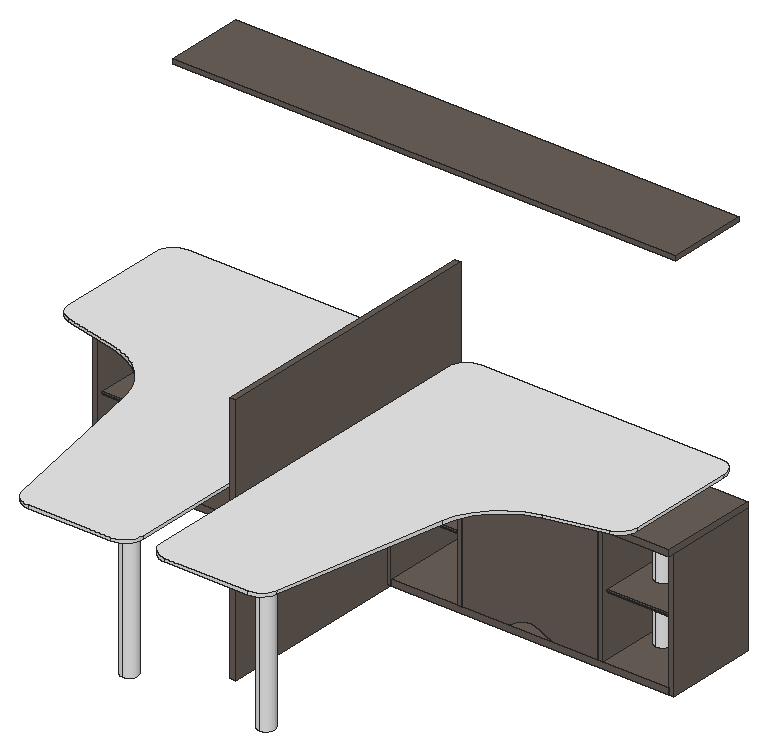
Revit family "OFS TYPICAL T100070", category Furniture, Revit 2022 (continued)
Definition of nested family "OFS STAKS HEIGHT ADJUSTABLE SWEEP TOP DESK 68x48 Top 16D Cabinet"
  Definition of nested family "APTOS SWEEP ELEVATED RUNOFF WORKSURFACE RIGHT - WOOD TOP for 18D Cabinets"
    Forms (in)
      Sweep 12, void, not visible
        path in 3D
          loop
            arc (11.93598, 5.00011, 29.5) -> (10.03268, 4.31905, 29.5) -> (8.99356, 2.58509, 29.5) r 3
            line (8.99356, 2.58509, 29.5) -> (5.38443, -15.56872, 29.5)
            arc (5.38443, -15.56872, 29.5) -> (2.09458, -21.71956, 29.5) -> (-4.06049, -25.00147, 29.5) r 12
            line (-4.06049, -25.00147, 29.5) -> (-30.58089, -30.23844, 29.5)
            arc (-30.58089, -30.23844, 29.5) -> (-32.31741, -31.27682, 29.5) -> (-32.9997, -33.1816, 29.5) r 3
            line (-32.9997, -33.1816, 29.5) -> (-32.9997, -50.00011, 29.5)
            arc (-32.9997, -50.00011, 29.5) -> (-32.12102, -52.12143, 29.5) -> (-29.9997, -53.00011, 29.5) r 3
            line (-29.9997, -53.00011, 29.5) -> (30, -53.00011, 29.5)
        profile origin (0.00015, -53.00011, 29.5) x (0, 1, 0) y (0, 0, 1)
          loop
            line (0, -1.1875) -> (2, -1.1875) -> (0, -0.4375) -> (0, -1.1875)
    Cuts and joins
      Sweep 2 cuts Extrusion 1
      Sweep 6 cuts Extrusion 5
      Sweep 10 cuts Extrusion 9
    Lines and regions (in)
      sketch lines
        curve 1: line (33, -44.00011, 29.5) -> (33, -3.99989, 29.5)
        curve 2: arc (30, -0.99989, 29.5) -> (32.12132, -1.87857, 29.5) -> (33, -3.99989, 29.5) r 3
        curve 3: line (30, -0.99989, 29.5) -> (11.93633, -0.99989, 29.5)
        curve 4: arc (9.01253, -3.32799, 29.5) -> (10.06759, -1.65301, 29.5) -> (11.93633, -0.99989, 29.5) r 3
        curve 5: line (9.01253, -3.32799, 29.5) -> (6.80757, -12.92304, 29.5)
        curve 6: arc (-2.68659, -22.03188, 29.5) -> (3.42015, -18.89464, 29.5) -> (6.80757, -12.92304, 29.5) r 12
        curve 7: line (-2.68659, -22.03188, 29.5) -> (-30.54995, -27.2307, 29.5)
        curve 8: arc (-32.9997, -30.1798, 29.5) -> (-32.30738, -28.26287, 29.5) -> (-30.54995, -27.2307, 29.5) r 3
        curve 9: line (-32.9997, -30.1798, 29.5) -> (-32.9997, -44.00011, 29.5)
        curve 10: arc (-29.9997, -47.00011, 29.5) -> (-32.12102, -46.12143, 29.5) -> (-32.9997, -44.00011, 29.5) r 3
        curve 11: line (-29.9997, -47.00011, 29.5) -> (30, -47.00011, 29.5)
        curve 12: arc (33, -44.00011, 29.5) -> (32.12132, -46.12143, 29.5) -> (30, -47.00011, 29.5) r 3
        curve 25: line (33, -47.00011, 29.5) -> (33, -0.99989, 29.5)
        curve 26: arc (30, 2.00011, 29.5) -> (32.12132, 1.12143, 29.5) -> (33, -0.99989, 29.5) r 3
        curve 27: line (30, 2.00011, 29.5) -> (11.93684, 2.00011, 29.5)
        curve 28: arc (9.01817, -0.3061, 29.5) -> (10.07692, 1.35398, 29.5) -> (11.93684, 2.00011, 29.5) r 3
        curve 29: line (9.01817, -0.3061, 29.5) -> (5.28656, -16.00453, 29.5)
        curve 30: arc (-4.0634, -25.00205, 29.5) -> (1.93262, -21.87607, 29.5) -> (5.28656, -16.00453, 29.5) r 12
        curve 31: line (-4.0634, -25.00205, 29.5) -> (-30.58089, -30.23844, 29.5)
        curve 32: arc (-32.9997, -33.1816, 29.5) -> (-32.31741, -31.27682, 29.5) -> (-30.58089, -30.23844, 29.5) r 3
        curve 33: line (-32.9997, -33.1816, 29.5) -> (-32.9997, -47.00011, 29.5)
        curve 34: arc (-29.9997, -50.00011, 29.5) -> (-32.12102, -49.12143, 29.5) -> (-32.9997, -47.00011, 29.5) r 3
        curve 35: line (-29.9997, -50.00011, 29.5) -> (30, -50.00011, 29.5)
        curve 36: arc (33, -47.00011, 29.5) -> (32.12132, -49.12143, 29.5) -> (30, -50.00011, 29.5) r 3
        curve 49: line (-29.9997, -53.00011, 29.5) -> (30, -53.00011, 29.5)
        curve 50: arc (33, -50.00011, 29.5) -> (32.12132, -52.12143, 29.5) -> (30, -53.00011, 29.5) r 3
        curve 51: line (33, -50.00011, 29.5) -> (33, 2.00011, 29.5)
        curve 52: arc (30, 5.00011, 29.5) -> (32.12132, 4.12143, 29.5) -> (33, 2.00011, 29.5) r 3
        curve 53: line (30, 5.00011, 29.5) -> (11.93598, 5.00011, 29.5)
        curve 54: arc (8.99356, 2.58509, 29.5) -> (10.03268, 4.31905, 29.5) -> (11.93598, 5.00011, 29.5) r 3
        curve 55: line (8.99356, 2.58509, 29.5) -> (5.38443, -15.56872, 29.5)
        curve 56: arc (-4.06049, -25.00147, 29.5) -> (2.09458, -21.71956, 29.5) -> (5.38443, -15.56872, 29.5) r 12
        curve 57: line (-4.06049, -25.00147, 29.5) -> (-30.58089, -30.23844, 29.5)
        curve 58: arc (-32.9997, -33.1816, 29.5) -> (-32.31741, -31.27682, 29.5) -> (-30.58089, -30.23844, 29.5) r 3
        curve 59: line (-32.9997, -33.1816, 29.5) -> (-32.9997, -50.00011, 29.5)
        curve 60: arc (-29.9997, -53.00011, 29.5) -> (-32.12102, -52.12143, 29.5) -> (-32.9997, -50.00011, 29.5) r 3
      sketch lines, not visible
        curve 13: line (33, -144.00011, 29.5) -> (33, -103.99989, 29.5)
        curve 14: arc (30, -100.99989, 29.5) -> (32.12132, -101.87857, 29.5) -> (33, -103.99989, 29.5) r 3
        curve 15: line (30, -100.99989, 29.5) -> (11.93633, -100.99989, 29.5)
        curve 16: arc (9.01253, -103.32799, 29.5) -> (10.06759, -101.65301, 29.5) -> (11.93633, -100.99989, 29.5) r 3
        curve 17: line (9.01253, -103.32799, 29.5) -> (6.80757, -112.92304, 29.5)
        curve 18: arc (-2.68659, -122.03188, 29.5) -> (3.42015, -118.89464, 29.5) -> (6.80757, -112.92304, 29.5) r 12
        curve 19: line (-2.68659, -122.03188, 29.5) -> (-30.54995, -127.2307, 29.5)
        curve 20: arc (-32.9997, -130.1798, 29.5) -> (-32.30738, -128.26287, 29.5) -> (-30.54995, -127.2307, 29.5) r 3
        curve 21: line (-32.9997, -130.1798, 29.5) -> (-32.9997, -144.00011, 29.5)
        curve 22: arc (-29.9997, -147.00011, 29.5) -> (-32.12102, -146.12143, 29.5) -> (-32.9997, -144.00011, 29.5) r 3
        curve 23: line (-29.9997, -147.00011, 29.5) -> (30, -147.00011, 29.5)
        curve 24: arc (33, -144.00011, 29.5) -> (32.12132, -146.12143, 29.5) -> (30, -147.00011, 29.5) r 3
        curve 37: line (33, -47.00011, 29.5) -> (33, -0.99989, 29.5)
        curve 38: arc (30, 2.00011, 29.5) -> (32.12132, 1.12143, 29.5) -> (33, -0.99989, 29.5) r 3
        curve 39: line (30, 2.00011, 29.5) -> (11.93684, 2.00011, 29.5)
        curve 40: arc (9.01817, -0.3061, 29.5) -> (10.07692, 1.35398, 29.5) -> (11.93684, 2.00011, 29.5) r 3
        curve 41: line (9.01817, -0.3061, 29.5) -> (5.28656, -16.00453, 29.5)
        curve 42: arc (-4.0634, -25.00205, 29.5) -> (1.93262, -21.87607, 29.5) -> (5.28656, -16.00453, 29.5) r 12
        curve 43: line (-4.0634, -25.00205, 29.5) -> (-30.58089, -30.23844, 29.5)
        curve 44: arc (-32.9997, -33.1816, 29.5) -> (-32.31741, -31.27682, 29.5) -> (-30.58089, -30.23844, 29.5) r 3
        curve 45: line (-32.9997, -33.1816, 29.5) -> (-32.9997, -47.00011, 29.5)
        curve 46: arc (-29.9997, -50.00011, 29.5) -> (-32.12102, -49.12143, 29.5) -> (-32.9997, -47.00011, 29.5) r 3
        curve 47: line (-29.9997, -50.00011, 29.5) -> (30, -50.00011, 29.5)
        curve 48: arc (33, -47.00011, 29.5) -> (32.12132, -49.12143, 29.5) -> (30, -50.00011, 29.5) r 3
        curve 61: line (-29.9997, -53.00011, 29.5) -> (30, -53.00011, 29.5)
        curve 62: arc (33, -50.00011, 29.5) -> (32.12132, -52.12143, 29.5) -> (30, -53.00011, 29.5) r 3
        curve 63: line (33, -50.00011, 29.5) -> (33, 2.00011, 29.5)
        curve 64: arc (30, 5.00011, 29.5) -> (32.12132, 4.12143, 29.5) -> (33, 2.00011, 29.5) r 3
        curve 65: line (30, 5.00011, 29.5) -> (11.93598, 5.00011, 29.5)
        curve 66: arc (8.99356, 2.58509, 29.5) -> (10.03268, 4.31905, 29.5) -> (11.93598, 5.00011, 29.5) r 3
        curve 67: line (8.99356, 2.58509, 29.5) -> (5.38443, -15.56872, 29.5)
        curve 68: arc (-4.06049, -25.00147, 29.5) -> (2.09458, -21.71956, 29.5) -> (5.38443, -15.56872, 29.5) r 12
        curve 69: line (-4.06049, -25.00147, 29.5) -> (-30.58089, -30.23844, 29.5)
        curve 70: arc (-32.9997, -33.1816, 29.5) -> (-32.31741, -31.27682, 29.5) -> (-30.58089, -30.23844, 29.5) r 3
        curve 71: line (-32.9997, -33.1816, 29.5) -> (-32.9997, -50.00011, 29.5)
        curve 72: arc (-29.9997, -53.00011, 29.5) -> (-32.12102, -52.12143, 29.5) -> (-32.9997, -50.00011, 29.5) r 3
    Dimensions and locks (in)
      "Height": plane 7 "Height Top" to plane 8
      "Bottom Board Offset": plane 8 to level
      "Depth": plane 5 "Front End" to plane 1 "Back End"
      equal spacing: plane 4 "Left End", plane 3 "Center Left/Right", plane 6 "Right End"
      "Width": plane 4 "Left End" to plane 6 "Right End"
      equal spacing: plane 5 "Front End", plane 9 "Center Front/Back", plane 1 "Back End"
      aligned and locked: level to plane 2
      aligned and locked: plane 7 "Height Top" to Extrusion 1
      aligned and locked: Extrusion 1 to plane 8
      aligned and locked: plane 7 "Height Top" to Extrusion 9
      aligned and locked: Extrusion 9 to plane 8
    Automatic sketch dimensions
      Extrusion 1 sketch curve to Extrusion 1 sketch curve = 0' - 3"  (x2)
      Extrusion 1 sketch curve to Extrusion 1 sketch curve = 2' - 6.31311"
      Extrusion 1 sketch curve to Extrusion 1 sketch curve = 0' - 9.49416"
      Extrusion 1 sketch curve to Extrusion 1 sketch curve = 0' - 2.20497"
      Extrusion 1 sketch curve to Extrusion 1 sketch curve = 0' - 2.92379"
      Extrusion 1 sketch curve to Extrusion 1 sketch curve = 1' - 6.06367"
      Extrusion 1 sketch curve to Extrusion 1 sketch curve = 2' - 8.68659"
      Extrusion 1 sketch curve to Extrusion 1 sketch curve = 0' - 2.44975"
      Extrusion 1 sketch curve to Extrusion 1 sketch curve = 0' - 0.55025"
      Extrusion 1 sketch curve to Extrusion 1 sketch curve = 0' - 2.20101"
      Extrusion 1 sketch curve to Extrusion 1 sketch curve = 1' - 9.96823"
      Extrusion 1 sketch curve to Extrusion 1 sketch curve = 0' - 9.10884"
      Extrusion 1 sketch curve to Extrusion 1 sketch curve = 0' - 8.92315"
      Extrusion 1 sketch curve to Extrusion 1 sketch curve = 0' - 2 21/64"
      Extrusion 1 sketch curve to Extrusion 1 sketch curve = 1' - 1 105/128"
      Sweep 2 sketch curve to profile plane = 0' - 1 3/16"
      Sweep 2 sketch curve to profile plane = 0' - 0"
      Sweep 2 sketch curve to profile plane = 0' - 2"
      Sweep 2 sketch curve to profile plane = 0' - 0 7/16"
      Extrusion 3 sketch curve to Extrusion 3 sketch curve = 0' - 3"  (x2)
      Extrusion 3 sketch curve to Extrusion 3 sketch curve = 2' - 6.31311"
      Extrusion 3 sketch curve to Extrusion 3 sketch curve = 0' - 9.49416"
      Extrusion 3 sketch curve to Extrusion 3 sketch curve = 0' - 2.20497"
      Extrusion 3 sketch curve to Extrusion 3 sketch curve = 0' - 2.92379"
      Extrusion 3 sketch curve to Extrusion 3 sketch curve = 1' - 6.06367"
      Extrusion 3 sketch curve to Extrusion 3 sketch curve = 2' - 8.68659"
      Extrusion 3 sketch curve to Extrusion 3 sketch curve = 0' - 2.44975"
      Extrusion 3 sketch curve to Extrusion 3 sketch curve = 0' - 0.55025"
      Extrusion 3 sketch curve to Extrusion 3 sketch curve = 0' - 2.20101"
      Extrusion 3 sketch curve to Extrusion 3 sketch curve = 1' - 9.96823"
      Extrusion 3 sketch curve to Extrusion 3 sketch curve = 0' - 9.10884"
      Extrusion 3 sketch curve to Extrusion 3 sketch curve = 0' - 8.92315"
      Extrusion 3 sketch curve to Extrusion 3 sketch curve = 0' - 2 21/64"
      Extrusion 3 sketch curve to Extrusion 3 sketch curve = 1' - 1 105/128"
      Sweep 4 sketch curve to profile plane = 0' - 1 3/16"
      Sweep 4 sketch curve to profile plane = 0' - 0"
      Sweep 4 sketch curve to profile plane = 0' - 2"
      Sweep 4 sketch curve to profile plane = 0' - 0 7/16"
      Extrusion 5 sketch curve to Extrusion 5 sketch curve = 0' - 2.91867"
      Extrusion 5 sketch curve to Extrusion 5 sketch curve = 0' - 0.58118"
      Sweep 6 sketch curve to profile plane = 0' - 0 7/16"
      Sweep 6 sketch curve to profile plane = 0' - 0"
      Sweep 6 sketch curve to profile plane = 0' - 2"
      Sweep 6 sketch curve to profile plane = 0' - 1 3/16"
      Extrusion 5 sketch curve to Extrusion 5 sketch curve = 0' - 3"  (x3)
      Extrusion 5 sketch curve to Extrusion 5 sketch curve = 1' - 6.06315"
      Extrusion 5 sketch curve to Extrusion 5 sketch curve = 0' - 3.73161"
      Extrusion 5 sketch curve to Extrusion 5 sketch curve = 0' - 9.34996"
      Extrusion 5 sketch curve to Extrusion 5 sketch curve = 2' - 1.9363"
      Extrusion 5 sketch curve to Extrusion 5 sketch curve = 0' - 0.58119"
      Extrusion 5 sketch curve to Extrusion 5 sketch curve = 0' - 11.6747"
      Extrusion 5 sketch curve to Extrusion 5 sketch curve = 1' - 1.81851"
      Extrusion 5 sketch curve to Extrusion 5 sketch curve = 0' - 5.23639"
      Extrusion 5 sketch curve to Extrusion 5 sketch curve = 0' - 8.99752"
      Extrusion 5 sketch curve to Extrusion 5 sketch curve = 1' - 3.00464"
      Extrusion 5 sketch curve to Extrusion 5 sketch curve = 0' - 2.30621"
      Extrusion 7 sketch curve to Extrusion 7 sketch curve = 0' - 2.91867"
      Extrusion 7 sketch curve to Extrusion 7 sketch curve = 0' - 0.58118"
      Sweep 8 sketch curve to profile plane = 0' - 0 7/16"
      Sweep 8 sketch curve to profile plane = 0' - 0"
      Sweep 8 sketch curve to profile plane = 0' - 2"
      Sweep 8 sketch curve to profile plane = 0' - 1 3/16"
      Extrusion 7 sketch curve to Extrusion 7 sketch curve = 0' - 3"  (x3)
      Extrusion 7 sketch curve to Extrusion 7 sketch curve = 1' - 6.06315"
      Extrusion 7 sketch curve to Extrusion 7 sketch curve = 0' - 3.73161"
      Extrusion 7 sketch curve to Extrusion 7 sketch curve = 0' - 9.34996"
      Extrusion 7 sketch curve to Extrusion 7 sketch curve = 2' - 1.9363"
      Extrusion 7 sketch curve to Extrusion 7 sketch curve = 0' - 0.58119"
      Extrusion 7 sketch curve to Extrusion 7 sketch curve = 0' - 11.6747"
      Extrusion 7 sketch curve to Extrusion 7 sketch curve = 1' - 1.81851"
      Extrusion 7 sketch curve to Extrusion 7 sketch curve = 0' - 5.23639"
      Extrusion 7 sketch curve to Extrusion 7 sketch curve = 0' - 8.99752"
      Extrusion 7 sketch curve to Extrusion 7 sketch curve = 1' - 3.00464"
      Extrusion 7 sketch curve to Extrusion 7 sketch curve = 0' - 2.30621"
      Extrusion 9 sketch curve to Extrusion 9 sketch curve = 0' - 2.94241"
      Extrusion 9 sketch curve to Extrusion 9 sketch curve = 0' - 0.58118"
      Sweep 10 sketch curve to profile plane = 0' - 1 3/16"
      Sweep 10 sketch curve to profile plane = 0' - 0"
      Sweep 10 sketch curve to profile plane = 0' - 2"
      Sweep 10 sketch curve to profile plane = 0' - 0 7/16"
      Extrusion 9 sketch curve to Extrusion 9 sketch curve = 0' - 2.41882"
      Extrusion 9 sketch curve to Extrusion 9 sketch curve = 0' - 3"  (x2)
      Extrusion 9 sketch curve to Extrusion 9 sketch curve = 2' - 2.5204"
      Extrusion 9 sketch curve to Extrusion 9 sketch curve = 0' - 9.44492"
      Extrusion 9 sketch curve to Extrusion 9 sketch curve = 0' - 3.60914"
      Extrusion 9 sketch curve to Extrusion 9 sketch curve = 2' - 10.06049"
      Extrusion 9 sketch curve to Extrusion 9 sketch curve = 1' - 6.06402"
      Extrusion 9 sketch curve to Extrusion 9 sketch curve = 0' - 11.76966"
      Extrusion 9 sketch curve to Extrusion 9 sketch curve = 1' - 4.81851"
      Extrusion 9 sketch curve to Extrusion 9 sketch curve = 0' - 5.23697"
      Extrusion 9 sketch curve to Extrusion 9 sketch curve = 0' - 9.43275"
      Extrusion 9 sketch curve to Extrusion 9 sketch curve = 1' - 5.56883"
      Extrusion 9 sketch curve to Extrusion 9 sketch curve = 0' - 2.41502"
      Extrusion 11 sketch curve to Extrusion 11 sketch curve = 0' - 2.94241"
      Extrusion 11 sketch curve to Extrusion 11 sketch curve = 0' - 0.58118"
      Sweep 12 sketch curve to profile plane = 0' - 1 3/16"
      Sweep 12 sketch curve to profile plane = 0' - 0"
      Sweep 12 sketch curve to profile plane = 0' - 2"
      Sweep 12 sketch curve to profile plane = 0' - 0 7/16"
      Extrusion 11 sketch curve to Extrusion 11 sketch curve = 0' - 2.41882"
      Extrusion 11 sketch curve to Extrusion 11 sketch curve = 0' - 3"  (x2)
      Extrusion 11 sketch curve to Extrusion 11 sketch curve = 2' - 2.5204"
      Extrusion 11 sketch curve to Extrusion 11 sketch curve = 0' - 9.44492"
      Extrusion 11 sketch curve to Extrusion 11 sketch curve = 0' - 3.60914"
      Extrusion 11 sketch curve to Extrusion 11 sketch curve = 2' - 10.06049"
      Extrusion 11 sketch curve to Extrusion 11 sketch curve = 1' - 6.06402"
      Extrusion 11 sketch curve to Extrusion 11 sketch curve = 0' - 11.76966"
      Extrusion 11 sketch curve to Extrusion 11 sketch curve = 1' - 4.81851"
      Extrusion 11 sketch curve to Extrusion 11 sketch curve = 0' - 5.23697"
      Extrusion 11 sketch curve to Extrusion 11 sketch curve = 0' - 9.43275"
      Extrusion 11 sketch curve to Extrusion 11 sketch curve = 1' - 5.56883"
      Extrusion 11 sketch curve to Extrusion 11 sketch curve = 0' - 2.41502"
  Definition of nested family "APTOS SWEEP ELEVATED RUNOFF WORKSURFACE LEFT - WOOD TOP for 18D Cabinets"
    Parameters
      Width = 5' - 6"
      URL = "http://ofsbrands.com"
      Table Material = none
      Depth = 3' - 10"
      Model = "34-6646SWTEL"
      Manufacturer = "OFS"
      Height = 0' - 1 3/16"
      Description = "OFS BRANDS OFS APTOS SWEEP ELEVATED RUNOFF WORKSURFACE 66\" x 46\" LEFT OPEN END - WOOD TOP, 1.1875\" thick Solid Surface Worksurface"
      Default Elevation = 0' - 0"
      Copyright © = "© OFS BRANDS 2017"
      Catalog = "APTOS http://ofsbrands.com/products/casegoods/private-office/aptos"
      Bottom Board Offset = 2' - 4 5/16"
      Authoring Version = "Autodesk Revit Architecture 2013"
      Assembly Code = "E2020200"
      34-6658SWTEL = no
      34-6652SWTEL = no
      34-6646SWTEL = yes
    Reference planes (in)
      plane 1 "Back End": y = -1
      plane 2: z = 0
      plane 3 "Center Left/Right": x = 0
      plane 4 "Left End": x = -33
      plane 5 "Front End": y = -47
      plane 6 "Right End": x = 33
      plane 7 "Height Top": z = 29.5
      plane 8: z = 28.3125
      plane 9 "Center Front/Back": y = -24
    Forms (in)
      Extrusion 1, solid, material <- "Table Material", visible <- "34-6646SWTEL"
        sketch origin (0, 0, 0) x (1, 0, 0) y (0, 1, 0)
          loop
            line (-11.93633, -0.99989) -> (-30, -0.99989)
            arc (-30, -0.99989) -> (-32.12132, -1.87857) -> (-33, -3.99989) r 3
            line (-33, -3.99989) -> (-33, -44.00011)
            arc (-33, -44.00011) -> (-32.12132, -46.12143) -> (-30, -47.00011) r 3
            line (-30, -47.00011) -> (29.9997, -47.00011)
            arc (29.9997, -47.00011) -> (32.12102, -46.12143) -> (32.9997, -44.00011) r 3
            line (32.9997, -44.00011) -> (32.9997, -30.1798)
            arc (32.9997, -30.1798) -> (32.30738, -28.26287) -> (30.54995, -27.2307) r 3
            line (30.54995, -27.2307) -> (2.68659, -22.03188)
            arc (2.68659, -22.03188) -> (-3.42015, -18.89464) -> (-6.80757, -12.92304) r 12
            line (-6.80757, -12.92304) -> (-9.01253, -3.32799)
            arc (-9.01253, -3.32799) -> (-10.06759, -1.65301) -> (-11.93633, -0.99989) r 3
        from 28.3125 to 29.5
      Sweep 2, void
        path in 3D
          loop
            arc (32.9997, -44.00011, 28.3125) -> (32.12102, -46.12143, 28.3125) -> (29.9997, -47.00011, 28.3125) r 3
            line (29.9997, -47.00011, 28.3125) -> (-30, -47.00011, 28.3125)
            arc (-30, -47.00011, 28.3125) -> (-32.12132, -46.12143, 28.3125) -> (-33, -44.00011, 28.3125) r 3
            line (-33, -44.00011, 28.3125) -> (-33, -3.99989, 28.3125)
            arc (-33, -3.99989, 28.3125) -> (-32.12132, -1.87857, 28.3125) -> (-30, -0.99989, 28.3125) r 3
            line (-30, -0.99989, 28.3125) -> (-11.93633, -0.99989, 28.3125)
            arc (-11.93633, -0.99989, 28.3125) -> (-10.06759, -1.65301, 28.3125) -> (-9.01253, -3.32799, 28.3125) r 3
            line (-9.01253, -3.32799, 28.3125) -> (-6.80757, -12.92304, 28.3125)
            arc (-6.80757, -12.92304, 28.3125) -> (-3.42015, -18.89464, 28.3125) -> (2.68659, -22.03188, 28.3125) r 12
            line (2.68659, -22.03188, 28.3125) -> (30.54995, -27.2307, 28.3125)
            arc (30.54995, -27.2307, 28.3125) -> (32.30738, -28.26287, 28.3125) -> (32.9997, -30.1798, 28.3125) r 3
            line (32.9997, -30.1798, 28.3125) -> (32.9997, -44.00011, 28.3125)
        profile origin (32.9997, -37.08996, 28.3125) x (-1, 0, 0) y (0, 0, -1)
          loop
            line (0, 0) -> (0, -0.6875) -> (2, 0) -> (0, 0)
      Extrusion 3, solid, material <- "Table Material", visible <- "34-6646SWTEL", not visible
        sketch origin (0, 0, 0) x (1, 0, 0) y (0, 1, 0)
          loop
            line (-11.93633, -0.99989) -> (-30, -0.99989)
            arc (-30, -0.99989) -> (-32.12132, -1.87857) -> (-33, -3.99989) r 3
            line (-33, -3.99989) -> (-33, -44.00011)
            arc (-33, -44.00011) -> (-32.12132, -46.12143) -> (-30, -47.00011) r 3
            line (-30, -47.00011) -> (29.9997, -47.00011)
            arc (29.9997, -47.00011) -> (32.12102, -46.12143) -> (32.9997, -44.00011) r 3
            line (32.9997, -44.00011) -> (32.9997, -30.1798)
            arc (32.9997, -30.1798) -> (32.30738, -28.26287) -> (30.54995, -27.2307) r 3
            line (30.54995, -27.2307) -> (2.68659, -22.03188)
            arc (2.68659, -22.03188) -> (-3.42015, -18.89464) -> (-6.80757, -12.92304) r 12
            line (-6.80757, -12.92304) -> (-9.01253, -3.32799)
            arc (-9.01253, -3.32799) -> (-10.06759, -1.65301) -> (-11.93633, -0.99989) r 3
        from 28.3125 to 29.5
      Sweep 4, void, not visible
        path in 3D
          loop
            arc (32.9997, -44.00011, 28.3125) -> (32.12102, -46.12143, 28.3125) -> (29.9997, -47.00011, 28.3125) r 3
            line (29.9997, -47.00011, 28.3125) -> (-30, -47.00011, 28.3125)
            arc (-30, -47.00011, 28.3125) -> (-32.12132, -46.12143, 28.3125) -> (-33, -44.00011, 28.3125) r 3
            line (-33, -44.00011, 28.3125) -> (-33, -3.99989, 28.3125)
            arc (-33, -3.99989, 28.3125) -> (-32.12132, -1.87857, 28.3125) -> (-30, -0.99989, 28.3125) r 3
            line (-30, -0.99989, 28.3125) -> (-11.93633, -0.99989, 28.3125)
            arc (-11.93633, -0.99989, 28.3125) -> (-10.06759, -1.65301, 28.3125) -> (-9.01253, -3.32799, 28.3125) r 3
            line (-9.01253, -3.32799, 28.3125) -> (-6.80757, -12.92304, 28.3125)
            arc (-6.80757, -12.92304, 28.3125) -> (-3.42015, -18.89464, 28.3125) -> (2.68659, -22.03188, 28.3125) r 12
            line (2.68659, -22.03188, 28.3125) -> (30.54995, -27.2307, 28.3125)
            arc (30.54995, -27.2307, 28.3125) -> (32.30738, -28.26287, 28.3125) -> (32.9997, -30.1798, 28.3125) r 3
            line (32.9997, -30.1798, 28.3125) -> (32.9997, -44.00011, 28.3125)
        profile origin (32.9997, -37.08996, 28.3125) x (-1, 0, 0) y (0, 0, -1)
          loop
            line (0, 0) -> (0, -0.6875) -> (2, 0) -> (0, 0)
      Extrusion 5, solid, material <- "Table Material", visible <- "34-6652SWTEL"
        sketch origin (0, 0, 0) x (1, 0, 0) y (0, 1, 0)
          loop
            line (-33, -0.99989) -> (-33, -47.00011)
            arc (-33, -47.00011) -> (-32.12132, -49.12143) -> (-30, -50.00011) r 3
            line (-30, -50.00011) -> (29.9997, -50.00011)
            arc (29.9997, -50.00011) -> (32.12102, -49.12143) -> (32.9997, -47.00011) r 3
            line (32.9997, -47.00011) -> (32.9997, -33.1816)
            arc (32.9997, -33.1816) -> (32.31741, -31.27682) -> (30.58089, -30.23844) r 3
            line (30.58089, -30.23844) -> (4.0634, -25.00205)
            arc (4.0634, -25.00205) -> (-1.93262, -21.87607) -> (-5.28656, -16.00453) r 12
            line (-5.28656, -16.00453) -> (-9.01817, -0.3061)
            arc (-9.01817, -0.3061) -> (-10.07692, 1.35398) -> (-11.93684, 2.00011) r 3
            line (-11.93684, 2.00011) -> (-30, 2.00011)
            arc (-30, 2.00011) -> (-32.12132, 1.12143) -> (-33, -0.99989) r 3
        from 28.3125 to 29.5
      Sweep 6, void
        path in 3D
          loop
            arc (-30, 2.00011, 29.5) -> (-32.12132, 1.12143, 29.5) -> (-33, -0.99989, 29.5) r 3
            line (-33, -0.99989, 29.5) -> (-33, -47.00011, 29.5)
            arc (-33, -47.00011, 29.5) -> (-32.12132, -49.12143, 29.5) -> (-30, -50.00011, 29.5) r 3
            line (-30, -50.00011, 29.5) -> (29.9997, -50.00011, 29.5)
            arc (29.9997, -50.00011, 29.5) -> (32.12102, -49.12143, 29.5) -> (32.9997, -47.00011, 29.5) r 3
            line (32.9997, -47.00011, 29.5) -> (32.9997, -33.1816, 29.5)
            arc (32.9997, -33.1816, 29.5) -> (32.31741, -31.27682, 29.5) -> (30.58089, -30.23844, 29.5) r 3
            line (30.58089, -30.23844, 29.5) -> (4.0634, -25.00205, 29.5)
            arc (4.0634, -25.00205, 29.5) -> (-1.93262, -21.87607, 29.5) -> (-5.28656, -16.00453, 29.5) r 12
            line (-5.28656, -16.00453, 29.5) -> (-9.01817, -0.3061, 29.5)
            arc (-9.01817, -0.3061, 29.5) -> (-10.07692, 1.35398, 29.5) -> (-11.93684, 2.00011, 29.5) r 3
            line (-11.93684, 2.00011, 29.5) -> (-30, 2.00011, 29.5)
        profile origin (-20.96842, 2.00011, 29.5) x (0, -1, 0) y (0, 0, 1)
          loop
            line (0, -1.1875) -> (2, -1.1875) -> (0, -0.5) -> (0, -1.1875)
      Extrusion 7, solid, material <- "Table Material", visible <- "34-6652SWTEL", not visible
        sketch origin (0, 0, 0) x (1, 0, 0) y (0, 1, 0)
          loop
            line (-33, -0.99989) -> (-33, -47.00011)
            arc (-33, -47.00011) -> (-32.12132, -49.12143) -> (-30, -50.00011) r 3
            line (-30, -50.00011) -> (29.9997, -50.00011)
            arc (29.9997, -50.00011) -> (32.12102, -49.12143) -> (32.9997, -47.00011) r 3
            line (32.9997, -47.00011) -> (32.9997, -33.1816)
            arc (32.9997, -33.1816) -> (32.31741, -31.27682) -> (30.58089, -30.23844) r 3
            line (30.58089, -30.23844) -> (4.0634, -25.00205)
            arc (4.0634, -25.00205) -> (-1.93262, -21.87607) -> (-5.28656, -16.00453) r 12
            line (-5.28656, -16.00453) -> (-9.01817, -0.3061)
            arc (-9.01817, -0.3061) -> (-10.07692, 1.35398) -> (-11.93684, 2.00011) r 3
            line (-11.93684, 2.00011) -> (-30, 2.00011)
            arc (-30, 2.00011) -> (-32.12132, 1.12143) -> (-33, -0.99989) r 3
        from 28.3125 to 29.5
      Sweep 8, void, not visible
        path in 3D
          loop
            arc (-30, 2.00011, 29.5) -> (-32.12132, 1.12143, 29.5) -> (-33, -0.99989, 29.5) r 3
            line (-33, -0.99989, 29.5) -> (-33, -47.00011, 29.5)
            arc (-33, -47.00011, 29.5) -> (-32.12132, -49.12143, 29.5) -> (-30, -50.00011, 29.5) r 3
            line (-30, -50.00011, 29.5) -> (29.9997, -50.00011, 29.5)
            arc (29.9997, -50.00011, 29.5) -> (32.12102, -49.12143, 29.5) -> (32.9997, -47.00011, 29.5) r 3
            line (32.9997, -47.00011, 29.5) -> (32.9997, -33.1816, 29.5)
            arc (32.9997, -33.1816, 29.5) -> (32.31741, -31.27682, 29.5) -> (30.58089, -30.23844, 29.5) r 3
            line (30.58089, -30.23844, 29.5) -> (4.0634, -25.00205, 29.5)
            arc (4.0634, -25.00205, 29.5) -> (-1.93262, -21.87607, 29.5) -> (-5.28656, -16.00453, 29.5) r 12
            line (-5.28656, -16.00453, 29.5) -> (-9.01817, -0.3061, 29.5)
            arc (-9.01817, -0.3061, 29.5) -> (-10.07692, 1.35398, 29.5) -> (-11.93684, 2.00011, 29.5) r 3
            line (-11.93684, 2.00011, 29.5) -> (-30, 2.00011, 29.5)
        profile origin (-20.96842, 2.00011, 29.5) x (0, -1, 0) y (0, 0, 1)
          loop
            line (0, -1.1875) -> (2, -1.1875) -> (0, -0.5) -> (0, -1.1875)
      Extrusion 9, solid, material <- "Table Material", visible <- "34-6658SWTEL"
        sketch origin (0, 0, 0) x (1, 0, 0) y (0, 1, 0)
          loop
            line (-5.38443, -15.56872) -> (-8.99356, 2.58509)
            arc (-8.99356, 2.58509) -> (-10.03268, 4.31905) -> (-11.93598, 5.00011) r 3
            line (-11.93598, 5.00011) -> (-30, 5.00011)
            arc (-30, 5.00011) -> (-32.12132, 4.12143) -> (-33, 2.00011) r 3
            line (-33, 2.00011) -> (-33, -50.00011)
            arc (-33, -50.00011) -> (-32.12132, -52.12143) -> (-30, -53.00011) r 3
            line (-30, -53.00011) -> (29.9997, -53.00011)
            arc (29.9997, -53.00011) -> (32.12102, -52.12143) -> (32.9997, -50.00011) r 3
            line (32.9997, -50.00011) -> (32.9997, -33.1816)
            arc (32.9997, -33.1816) -> (32.31741, -31.27682) -> (30.58089, -30.23844) r 3
            line (30.58089, -30.23844) -> (4.06049, -25.00147)
            arc (4.06049, -25.00147) -> (-2.09458, -21.71956) -> (-5.38443, -15.56872) r 12
        from 28.3125 to 29.5
      Sweep 10, void
        path in 3D
          loop
            arc (32.9997, -33.1816, 29.5) -> (32.31741, -31.27682, 29.5) -> (30.58089, -30.23844, 29.5) r 3
            line (30.58089, -30.23844, 29.5) -> (4.06049, -25.00147, 29.5)
            arc (4.06049, -25.00147, 29.5) -> (-2.09458, -21.71956, 29.5) -> (-5.38443, -15.56872, 29.5) r 12
            line (-5.38443, -15.56872, 29.5) -> (-8.99356, 2.58509, 29.5)
            arc (-8.99356, 2.58509, 29.5) -> (-10.03268, 4.31905, 29.5) -> (-11.93598, 5.00011, 29.5) r 3
            line (-11.93598, 5.00011, 29.5) -> (-30, 5.00011, 29.5)
            arc (-30, 5.00011, 29.5) -> (-32.12132, 4.12143, 29.5) -> (-33, 2.00011, 29.5) r 3
            line (-33, 2.00011, 29.5) -> (-33, -50.00011, 29.5)
            arc (-33, -50.00011, 29.5) -> (-32.12132, -52.12143, 29.5) -> (-30, -53.00011, 29.5) r 3
            line (-30, -53.00011, 29.5) -> (29.9997, -53.00011, 29.5)
            arc (29.9997, -53.00011, 29.5) -> (32.12102, -52.12143, 29.5) -> (32.9997, -50.00011, 29.5) r 3
            line (32.9997, -50.00011, 29.5) -> (32.9997, -33.1816, 29.5)
        profile origin (32.9997, -41.59086, 29.5) x (-1, 0, 0) y (0, 0, 1)
          loop
            line (0, -0.5) -> (0, -1.1875) -> (2, -1.1875) -> (0, -0.5)
      Extrusion 11, solid, material <- "Table Material", visible <- "34-6658SWTEL", not visible
        sketch origin (0, 0, 0) x (1, 0, 0) y (0, 1, 0)
          loop
            line (-5.38443, -15.56872) -> (-8.99356, 2.58509)
            arc (-8.99356, 2.58509) -> (-10.03268, 4.31905) -> (-11.93598, 5.00011) r 3
            line (-11.93598, 5.00011) -> (-30, 5.00011)
            arc (-30, 5.00011) -> (-32.12132, 4.12143) -> (-33, 2.00011) r 3
            line (-33, 2.00011) -> (-33, -50.00011)
            arc (-33, -50.00011) -> (-32.12132, -52.12143) -> (-30, -53.00011) r 3
            line (-30, -53.00011) -> (29.9997, -53.00011)
            arc (29.9997, -53.00011) -> (32.12102, -52.12143) -> (32.9997, -50.00011) r 3
            line (32.9997, -50.00011) -> (32.9997, -33.1816)
            arc (32.9997, -33.1816) -> (32.31741, -31.27682) -> (30.58089, -30.23844) r 3
            line (30.58089, -30.23844) -> (4.06049, -25.00147)
            arc (4.06049, -25.00147) -> (-2.09458, -21.71956) -> (-5.38443, -15.56872) r 12
        from 28.3125 to 29.5
      Sweep 12, void, not visible
        path in 3D
          loop
            arc (32.9997, -33.1816, 29.5) -> (32.31741, -31.27682, 29.5) -> (30.58089, -30.23844, 29.5) r 3
            line (30.58089, -30.23844, 29.5) -> (4.06049, -25.00147, 29.5)
            arc (4.06049, -25.00147, 29.5) -> (-2.09458, -21.71956, 29.5) -> (-5.38443, -15.56872, 29.5) r 12
            line (-5.38443, -15.56872, 29.5) -> (-8.99356, 2.58509, 29.5)
            arc (-8.99356, 2.58509, 29.5) -> (-10.03268, 4.31905, 29.5) -> (-11.93598, 5.00011, 29.5) r 3
            line (-11.93598, 5.00011, 29.5) -> (-30, 5.00011, 29.5)
            arc (-30, 5.00011, 29.5) -> (-32.12132, 4.12143, 29.5) -> (-33, 2.00011, 29.5) r 3
            line (-33, 2.00011, 29.5) -> (-33, -50.00011, 29.5)
            arc (-33, -50.00011, 29.5) -> (-32.12132, -52.12143, 29.5) -> (-30, -53.00011, 29.5) r 3
            line (-30, -53.00011, 29.5) -> (29.9997, -53.00011, 29.5)
            arc (29.9997, -53.00011, 29.5) -> (32.12102, -52.12143, 29.5) -> (32.9997, -50.00011, 29.5) r 3
            line (32.9997, -50.00011, 29.5) -> (32.9997, -33.1816, 29.5)
        profile origin (32.9997, -41.59086, 29.5) x (-1, 0, 0) y (0, 0, 1)
          loop
            line (0, -0.5) -> (0, -1.1875) -> (2, -1.1875) -> (0, -0.5)
    Cuts and joins
      Sweep 2 cuts Extrusion 1
      Sweep 6 cuts Extrusion 5
      Sweep 10 cuts Extrusion 9
    Lines and regions (in)
      sketch lines
        curve 1: line (32.9997, -30.1798, 28.3125) -> (32.9997, -44.00011, 28.3125)
        curve 2: arc (32.9997, -30.1798, 28.3125) -> (32.30738, -28.26287, 28.3125) -> (30.54995, -27.2307, 28.3125) r 3
        curve 3: line (2.68659, -22.03188, 28.3125) -> (30.54995, -27.2307, 28.3125)
        curve 4: arc (2.68659, -22.03188, 28.3125) -> (-3.42015, -18.89464, 28.3125) -> (-6.80757, -12.92304, 28.3125) r 12
        curve 5: line (-9.01253, -3.32799, 28.3125) -> (-6.80757, -12.92304, 28.3125)
        curve 6: arc (-9.01253, -3.32799, 28.3125) -> (-10.06759, -1.65301, 28.3125) -> (-11.93633, -0.99989, 28.3125) r 3
        curve 7: line (-30, -0.99989, 28.3125) -> (-11.93633, -0.99989, 28.3125)
        curve 8: arc (-30, -0.99989, 28.3125) -> (-32.12132, -1.87857, 28.3125) -> (-33, -3.99989, 28.3125) r 3
        curve 9: line (-33, -44.00011, 28.3125) -> (-33, -3.99989, 28.3125)
        curve 10: arc (-33, -44.00011, 28.3125) -> (-32.12132, -46.12143, 28.3125) -> (-30, -47.00011, 28.3125) r 3
        curve 11: line (29.9997, -47.00011, 28.3125) -> (-30, -47.00011, 28.3125)
        curve 12: arc (29.9997, -47.00011, 28.3125) -> (32.12102, -46.12143, 28.3125) -> (32.9997, -44.00011, 28.3125) r 3
        curve 25: line (-11.93684, 2.00011, 29.5) -> (-30, 2.00011, 29.5)
        curve 26: arc (-33, -0.99989, 29.5) -> (-32.12132, 1.12143, 29.5) -> (-30, 2.00011, 29.5) r 3
        curve 27: line (-33, -0.99989, 29.5) -> (-33, -47.00011, 29.5)
        curve 28: arc (-30, -50.00011, 29.5) -> (-32.12132, -49.12143, 29.5) -> (-33, -47.00011, 29.5) r 3
        curve 29: line (-30, -50.00011, 29.5) -> (29.9997, -50.00011, 29.5)
        curve 30: arc (32.9997, -47.00011, 29.5) -> (32.12102, -49.12143, 29.5) -> (29.9997, -50.00011, 29.5) r 3
        curve 31: line (32.9997, -47.00011, 29.5) -> (32.9997, -33.1816, 29.5)
        curve 32: arc (30.58089, -30.23844, 29.5) -> (32.31741, -31.27682, 29.5) -> (32.9997, -33.1816, 29.5) r 3
        curve 33: line (30.58089, -30.23844, 29.5) -> (4.0634, -25.00205, 29.5)
        curve 34: arc (-5.28656, -16.00453, 29.5) -> (-1.93262, -21.87607, 29.5) -> (4.0634, -25.00205, 29.5) r 12
        curve 35: line (-5.28656, -16.00453, 29.5) -> (-9.01817, -0.3061, 29.5)
        curve 36: arc (-11.93684, 2.00011, 29.5) -> (-10.07692, 1.35398, 29.5) -> (-9.01817, -0.3061, 29.5) r 3
        curve 49: line (32.9997, -50.00011, 29.5) -> (32.9997, -33.1816, 29.5)
        curve 50: arc (30.58089, -30.23844, 29.5) -> (32.31741, -31.27682, 29.5) -> (32.9997, -33.1816, 29.5) r 3
        curve 51: line (30.58089, -30.23844, 29.5) -> (4.06049, -25.00147, 29.5)
        curve 52: arc (-5.38443, -15.56872, 29.5) -> (-2.09458, -21.71956, 29.5) -> (4.06049, -25.00147, 29.5) r 12
        curve 53: line (-5.38443, -15.56872, 29.5) -> (-8.99356, 2.58509, 29.5)
        curve 54: arc (-11.93598, 5.00011, 29.5) -> (-10.03268, 4.31905, 29.5) -> (-8.99356, 2.58509, 29.5) r 3
        curve 55: line (-11.93598, 5.00011, 29.5) -> (-30, 5.00011, 29.5)
        curve 56: arc (-33, 2.00011, 29.5) -> (-32.12132, 4.12143, 29.5) -> (-30, 5.00011, 29.5) r 3
        curve 57: line (-33, 2.00011, 29.5) -> (-33, -50.00011, 29.5)
        curve 58: arc (-30, -53.00011, 29.5) -> (-32.12132, -52.12143, 29.5) -> (-33, -50.00011, 29.5) r 3
        curve 59: line (-30, -53.00011, 29.5) -> (29.9997, -53.00011, 29.5)
        curve 60: arc (32.9997, -50.00011, 29.5) -> (32.12102, -52.12143, 29.5) -> (29.9997, -53.00011, 29.5) r 3
      sketch lines, not visible
        curve 13: line (32.9997, -30.1798, 28.3125) -> (32.9997, -44.00011, 28.3125)
        curve 14: arc (32.9997, -30.1798, 28.3125) -> (32.30738, -28.26287, 28.3125) -> (30.54995, -27.2307, 28.3125) r 3
        curve 15: line (2.68659, -22.03188, 28.3125) -> (30.54995, -27.2307, 28.3125)
        curve 16: arc (2.68659, -22.03188, 28.3125) -> (-3.42015, -18.89464, 28.3125) -> (-6.80757, -12.92304, 28.3125) r 12
        curve 17: line (-9.01253, -3.32799, 28.3125) -> (-6.80757, -12.92304, 28.3125)
        curve 18: arc (-9.01253, -3.32799, 28.3125) -> (-10.06759, -1.65301, 28.3125) -> (-11.93633, -0.99989, 28.3125) r 3
        curve 19: line (-30, -0.99989, 28.3125) -> (-11.93633, -0.99989, 28.3125)
        curve 20: arc (-30, -0.99989, 28.3125) -> (-32.12132, -1.87857, 28.3125) -> (-33, -3.99989, 28.3125) r 3
        curve 21: line (-33, -44.00011, 28.3125) -> (-33, -3.99989, 28.3125)
        curve 22: arc (-33, -44.00011, 28.3125) -> (-32.12132, -46.12143, 28.3125) -> (-30, -47.00011, 28.3125) r 3
        curve 23: line (29.9997, -47.00011, 28.3125) -> (-30, -47.00011, 28.3125)
        curve 24: arc (29.9997, -47.00011, 28.3125) -> (32.12102, -46.12143, 28.3125) -> (32.9997, -44.00011, 28.3125) r 3
        curve 37: line (-11.93684, 2.00011, 29.5) -> (-30, 2.00011, 29.5)
        curve 38: arc (-33, -0.99989, 29.5) -> (-32.12132, 1.12143, 29.5) -> (-30, 2.00011, 29.5) r 3
        curve 39: line (-33, -0.99989, 29.5) -> (-33, -47.00011, 29.5)
        curve 40: arc (-30, -50.00011, 29.5) -> (-32.12132, -49.12143, 29.5) -> (-33, -47.00011, 29.5) r 3
        curve 41: line (-30, -50.00011, 29.5) -> (29.9997, -50.00011, 29.5)
        curve 42: arc (32.9997, -47.00011, 29.5) -> (32.12102, -49.12143, 29.5) -> (29.9997, -50.00011, 29.5) r 3
        curve 43: line (32.9997, -47.00011, 29.5) -> (32.9997, -33.1816, 29.5)
        curve 44: arc (30.58089, -30.23844, 29.5) -> (32.31741, -31.27682, 29.5) -> (32.9997, -33.1816, 29.5) r 3
        curve 45: line (30.58089, -30.23844, 29.5) -> (4.0634, -25.00205, 29.5)
        curve 46: arc (-5.28656, -16.00453, 29.5) -> (-1.93262, -21.87607, 29.5) -> (4.0634, -25.00205, 29.5) r 12
        curve 47: line (-5.28656, -16.00453, 29.5) -> (-9.01817, -0.3061, 29.5)
        curve 48: arc (-11.93684, 2.00011, 29.5) -> (-10.07692, 1.35398, 29.5) -> (-9.01817, -0.3061, 29.5) r 3
        curve 61: line (32.9997, -50.00011, 29.5) -> (32.9997, -33.1816, 29.5)
        curve 62: arc (30.58089, -30.23844, 29.5) -> (32.31741, -31.27682, 29.5) -> (32.9997, -33.1816, 29.5) r 3
        curve 63: line (30.58089, -30.23844, 29.5) -> (4.06049, -25.00147, 29.5)
        curve 64: arc (-5.38443, -15.56872, 29.5) -> (-2.09458, -21.71956, 29.5) -> (4.06049, -25.00147, 29.5) r 12
        curve 65: line (-5.38443, -15.56872, 29.5) -> (-8.99356, 2.58509, 29.5)
        curve 66: arc (-11.93598, 5.00011, 29.5) -> (-10.03268, 4.31905, 29.5) -> (-8.99356, 2.58509, 29.5) r 3
        curve 67: line (-11.93598, 5.00011, 29.5) -> (-30, 5.00011, 29.5)
        curve 68: arc (-33, 2.00011, 29.5) -> (-32.12132, 4.12143, 29.5) -> (-30, 5.00011, 29.5) r 3
        curve 69: line (-33, 2.00011, 29.5) -> (-33, -50.00011, 29.5)
        curve 70: arc (-30, -53.00011, 29.5) -> (-32.12132, -52.12143, 29.5) -> (-33, -50.00011, 29.5) r 3
        curve 71: line (-30, -53.00011, 29.5) -> (29.9997, -53.00011, 29.5)
        curve 72: arc (32.9997, -50.00011, 29.5) -> (32.12102, -52.12143, 29.5) -> (29.9997, -53.00011, 29.5) r 3
    Dimensions and locks (in)
      "Height": plane 7 "Height Top" to plane 8
      "Bottom Board Offset": plane 8 to level
      "Depth": plane 5 "Front End" to plane 1 "Back End"
      equal spacing: plane 4 "Left End", plane 3 "Center Left/Right", plane 6 "Right End"
      "Width": plane 4 "Left End" to plane 6 "Right End"
      equal spacing: plane 5 "Front End", plane 9 "Center Front/Back", plane 1 "Back End"
      aligned and locked: level to plane 2
      aligned and locked: plane 7 "Height Top" to Extrusion 1
      aligned and locked: Extrusion 1 to plane 8
      aligned and locked: plane 7 "Height Top" to Extrusion 5
      aligned and locked: Extrusion 5 to plane 8
      aligned and locked: plane 7 "Height Top" to Extrusion 9
      aligned and locked: Extrusion 9 to plane 8
    Automatic sketch dimensions
      Extrusion 1 sketch curve to Extrusion 1 sketch curve = 0' - 2.92379"
      Extrusion 1 sketch curve to Extrusion 1 sketch curve = 0' - 3"  (x4)
      Extrusion 1 sketch curve to Extrusion 1 sketch curve = 0' - 9.59505"
      Sweep 2 sketch curve to profile plane = 0' - 0"  (x2)
      Sweep 2 sketch curve to profile plane = 0' - 2"
      Sweep 2 sketch curve to profile plane = 0' - 0 11/16"
      Extrusion 1 sketch curve to Extrusion 1 sketch curve = 1' - 6.06367"
      Extrusion 1 sketch curve to Extrusion 1 sketch curve = 0' - 2.20497"
      Extrusion 1 sketch curve to Extrusion 1 sketch curve = 0' - 9.49416"
      Extrusion 1 sketch curve to Extrusion 1 sketch curve = 2' - 3.31311"
      Extrusion 1 sketch curve to Extrusion 1 sketch curve = 0' - 0.55025"
      Extrusion 1 sketch curve to Extrusion 1 sketch curve = 0' - 11.69517"
      Extrusion 1 sketch curve to Extrusion 1 sketch curve = 1' - 1 105/128"
      Extrusion 1 sketch curve to Extrusion 1 sketch curve = 0' - 5.19882"
      Extrusion 1 sketch curve to Extrusion 1 sketch curve = 0' - 9.10884"
      Extrusion 1 sketch curve to Extrusion 1 sketch curve = 0' - 0 43/64"
      Extrusion 3 sketch curve to Extrusion 3 sketch curve = 0' - 2.92379"
      Extrusion 3 sketch curve to Extrusion 3 sketch curve = 0' - 3"  (x4)
      Extrusion 3 sketch curve to Extrusion 3 sketch curve = 0' - 9.59505"
      Sweep 4 sketch curve to profile plane = 0' - 0"  (x2)
      Sweep 4 sketch curve to profile plane = 0' - 2"
      Sweep 4 sketch curve to profile plane = 0' - 0 11/16"
      Extrusion 3 sketch curve to Extrusion 3 sketch curve = 1' - 6.06367"
      Extrusion 3 sketch curve to Extrusion 3 sketch curve = 0' - 2.20497"
      Extrusion 3 sketch curve to Extrusion 3 sketch curve = 0' - 9.49416"
      Extrusion 3 sketch curve to Extrusion 3 sketch curve = 2' - 3.31311"
      Extrusion 3 sketch curve to Extrusion 3 sketch curve = 0' - 0.55025"
      Extrusion 3 sketch curve to Extrusion 3 sketch curve = 0' - 11.69517"
      Extrusion 3 sketch curve to Extrusion 3 sketch curve = 1' - 1 105/128"
      Extrusion 3 sketch curve to Extrusion 3 sketch curve = 0' - 5.19882"
      Extrusion 3 sketch curve to Extrusion 3 sketch curve = 0' - 9.10884"
      Extrusion 3 sketch curve to Extrusion 3 sketch curve = 0' - 0 43/64"
      Extrusion 5 sketch curve to Extrusion 5 sketch curve = 0' - 2.91867"
      Extrusion 5 sketch curve to Extrusion 5 sketch curve = 0' - 3"  (x4)
      Sweep 6 sketch curve to profile plane = 0' - 0"
      Sweep 6 sketch curve to profile plane = 0' - 1 3/16"
      Sweep 6 sketch curve to profile plane = 0' - 2"
      Sweep 6 sketch curve to profile plane = 0' - 0 1/2"
      Extrusion 5 sketch curve to Extrusion 5 sketch curve = 1' - 6.06315"
      Extrusion 5 sketch curve to Extrusion 5 sketch curve = 0' - 3.73161"
      Extrusion 5 sketch curve to Extrusion 5 sketch curve = 0' - 9.34996"
      Extrusion 5 sketch curve to Extrusion 5 sketch curve = 2' - 1.9363"
      Extrusion 5 sketch curve to Extrusion 5 sketch curve = 0' - 0.58119"
      Extrusion 5 sketch curve to Extrusion 5 sketch curve = 0' - 11.6747"
      Extrusion 5 sketch curve to Extrusion 5 sketch curve = 1' - 1.81851"
      Extrusion 5 sketch curve to Extrusion 5 sketch curve = 0' - 5.23639"
      Extrusion 5 sketch curve to Extrusion 5 sketch curve = 0' - 8.99752"
      Extrusion 5 sketch curve to Extrusion 5 sketch curve = 1' - 3.00464"
      Extrusion 5 sketch curve to Extrusion 5 sketch curve = 0' - 2.30621"
      Extrusion 7 sketch curve to Extrusion 7 sketch curve = 0' - 2.91867"
      Extrusion 7 sketch curve to Extrusion 7 sketch curve = 0' - 3"  (x4)
      Sweep 8 sketch curve to profile plane = 0' - 0"
      Sweep 8 sketch curve to profile plane = 0' - 1 3/16"
      Sweep 8 sketch curve to profile plane = 0' - 2"
      Sweep 8 sketch curve to profile plane = 0' - 0 1/2"
      Extrusion 7 sketch curve to Extrusion 7 sketch curve = 1' - 6.06315"
      Extrusion 7 sketch curve to Extrusion 7 sketch curve = 0' - 3.73161"
      Extrusion 7 sketch curve to Extrusion 7 sketch curve = 0' - 9.34996"
      Extrusion 7 sketch curve to Extrusion 7 sketch curve = 2' - 1.9363"
      Extrusion 7 sketch curve to Extrusion 7 sketch curve = 0' - 0.58119"
      Extrusion 7 sketch curve to Extrusion 7 sketch curve = 0' - 11.6747"
      Extrusion 7 sketch curve to Extrusion 7 sketch curve = 1' - 1.81851"
      Extrusion 7 sketch curve to Extrusion 7 sketch curve = 0' - 5.23639"
      Extrusion 7 sketch curve to Extrusion 7 sketch curve = 0' - 8.99752"
      Extrusion 7 sketch curve to Extrusion 7 sketch curve = 1' - 3.00464"
      Extrusion 7 sketch curve to Extrusion 7 sketch curve = 0' - 2.30621"
      Extrusion 9 sketch curve to Extrusion 9 sketch curve = 0' - 2.94241"
      Extrusion 9 sketch curve to Extrusion 9 sketch curve = 0' - 0.58118"
      Sweep 10 sketch curve to profile plane = 0' - 1 3/16"
      Sweep 10 sketch curve to profile plane = 0' - 0"
      Sweep 10 sketch curve to profile plane = 0' - 2"
      Sweep 10 sketch curve to profile plane = 0' - 0 1/2"
      Extrusion 9 sketch curve to Extrusion 9 sketch curve = 0' - 3"  (x3)
      Extrusion 9 sketch curve to Extrusion 9 sketch curve = 1' - 6.06402"
      Extrusion 9 sketch curve to Extrusion 9 sketch curve = 0' - 3.60914"
      Extrusion 9 sketch curve to Extrusion 9 sketch curve = 0' - 9.44492"
      Extrusion 9 sketch curve to Extrusion 9 sketch curve = 2' - 1.93921"
      Extrusion 9 sketch curve to Extrusion 9 sketch curve = 0' - 0.58119"
      Extrusion 9 sketch curve to Extrusion 9 sketch curve = 0' - 11.76966"
      Extrusion 9 sketch curve to Extrusion 9 sketch curve = 1' - 4.81851"
      Extrusion 9 sketch curve to Extrusion 9 sketch curve = 0' - 5.23697"
      Extrusion 9 sketch curve to Extrusion 9 sketch curve = 0' - 9.43275"
      Extrusion 9 sketch curve to Extrusion 9 sketch curve = 1' - 5.56883"
      Extrusion 9 sketch curve to Extrusion 9 sketch curve = 0' - 2.41502"
      Extrusion 11 sketch curve to Extrusion 11 sketch curve = 0' - 2.94241"
      Extrusion 11 sketch curve to Extrusion 11 sketch curve = 0' - 0.58118"
      Sweep 12 sketch curve to profile plane = 0' - 1 3/16"
      Sweep 12 sketch curve to profile plane = 0' - 0"
      Sweep 12 sketch curve to profile plane = 0' - 2"
      Sweep 12 sketch curve to profile plane = 0' - 0 1/2"
      Extrusion 11 sketch curve to Extrusion 11 sketch curve = 0' - 3"  (x3)
      Extrusion 11 sketch curve to Extrusion 11 sketch curve = 1' - 6.06402"
      Extrusion 11 sketch curve to Extrusion 11 sketch curve = 0' - 3.60914"
      Extrusion 11 sketch curve to Extrusion 11 sketch curve = 0' - 9.44492"
      Extrusion 11 sketch curve to Extrusion 11 sketch curve = 2' - 1.93921"
      Extrusion 11 sketch curve to Extrusion 11 sketch curve = 0' - 0.58119"
      Extrusion 11 sketch curve to Extrusion 11 sketch curve = 0' - 11.76966"
      Extrusion 11 sketch curve to Extrusion 11 sketch curve = 1' - 4.81851"
      Extrusion 11 sketch curve to Extrusion 11 sketch curve = 0' - 5.23697"
      Extrusion 11 sketch curve to Extrusion 11 sketch curve = 0' - 9.43275"
      Extrusion 11 sketch curve to Extrusion 11 sketch curve = 1' - 5.56883"
      Extrusion 11 sketch curve to Extrusion 11 sketch curve = 0' - 2.41502"
  Definition of nested family "H4H"
    Parameters (values of type "H4H")
      Width = 1' - 10"
      URL = ""
      Depth = 0' - 6"
      Default Elevation = 0' - 0"
      Column Material [instance] = none
      Board Material [instance] = none
      Model = ""
      Manufacturer = ""
      Leg Caps Material [instance] = none
      Height = 1' - 10 7/8"
      Description = ""
      Copyright © = ""
      Catalog = ""
      Authoring Version = ""
      Assembly Code = ""
    Reference planes (in)
      plane 1 "Center Front/Back": y = 0
      plane 2: z = 0
      plane 3 "Center Left/Right": x = 0
      plane 4 "Height Top": z = 22.875
      plane 5: z = 21.875
      plane 6: z = 0.5
      plane 7: z = 1.5
      plane 8: y = 0
      plane 9: y = -0.75
      plane 10: y = -5.25
      plane 11: y = -6
      plane 12: x = -11
      plane 13: x = -10
      plane 14: x = 10
      plane 15: x = 11
    Forms (in)
      Extrusion 1, solid, material <- "Board Material"
        sketch origin (-17.58789, 78.5, 0) x (1, 0, 0) y (0, 1, 0)
          loop
            line (6.58789, -78.5) -> (6.58789, -84.5) -> (7.58789, -84.5) -> (7.58789, -78.5) -> (6.58789, -78.5)
        from 0.5 to 21.875
      Extrusion 2, solid, material <- "Board Material"
        sketch origin (15.08789, 78.5, 0) x (-1, 0, 0) y (0, -1, 0)
          loop
            line (4.08789, 78.5) -> (5.08789, 78.5) -> (5.08789, 84.5) -> (4.08789, 84.5) -> (4.08789, 78.5)
        from 0.5 to 21.875
      Extrusion 3, solid, material <- "Board Material"
        sketch origin (-17.58789, 78.5, 0) x (1, 0, 0) y (0, 1, 0)
          loop
            line (7.58789, -78.5) -> (7.58789, -79.25) -> (27.58789, -79.25) -> (27.58789, -78.5) -> (7.58789, -78.5)
        from 0.5 to 21.875
      Extrusion 4, solid, material <- "Board Material"
        sketch origin (-17.58789, -84.5, 0) x (1, 0, 0) y (0, 1, 0)
          loop
            line (7.58789, 78.5) -> (27.58789, 78.5) -> (27.58789, 79.25) -> (7.58789, 79.25) -> (7.58789, 78.5)
        from 0.5 to 21.875
      Extrusion 5, solid, material <- "Board Material"
        sketch origin (-17.58789, 78.5, 0) x (1, 0, 0) y (0, 1, 0)
          loop
            line (6.58789, -78.5) -> (6.58789, -84.5) -> (28.58788, -84.5) -> (28.58788, -78.5) -> (6.58789, -78.5)
        from 21.875 to 22.875
      Revolve 6, solid, material <- "Leg Caps Material"
        sketch origin (-35.97047, -3, 0) x (1, 0, 0) y (0, 0, -1)
          loop
            line (27, -0.28743) -> (27, -0.5) -> (28, -0.5) -> (28, 0) -> (27.5, 0)
            arc (27.5, 0) -> (27.35629, -0.14371) -> (27.5, -0.28743) r 0.14371
            line (27.5, -0.28743) -> (27, -0.28743)
          axis (28, -0.5) -> (28, 0)
        angle from 0 to 360
      Revolve 7, solid, material <- "Leg Caps Material"
        sketch origin (35.97047, -3, 0) x (-1, 0, 0) y (0, 0, 1)
          loop
            line (27, 0.28743) -> (27.5, 0.28743)
            arc (27.5, 0.28743) -> (27.35629, 0.14371) -> (27.5, 0) r 0.14371
            line (27.5, 0) -> (28, 0) -> (28, 0.5) -> (27, 0.5) -> (27, 0.28743)
          axis (28, 0.5) -> (28, 0)
        angle from 0 to 360
      Extrusion 8, solid, material <- "Board Material"
        sketch origin (-17.58789, 78.5, 0) x (1, 0, 0) y (0, 1, 0)
          loop
            line (7.58789, -79.25) -> (7.58789, -83.75) -> (27.58789, -83.75) -> (27.58789, -79.25) -> (7.58789, -79.25)
        from 0.5 to 1.5
    Dimensions and locks (in)
      "Height": plane 4 "Height Top" to level
      plane 4 "Height Top" to plane 5 = 0' - 1"
      locked: plane 7 to plane 6 at 1
      plane 6 to level = 0' - 0 1/2"
      "Width": plane 12 to plane 15
      "Depth": plane 1 "Center Front/Back" to plane 11
      aligned and locked: level to plane 2
      aligned and locked: Extrusion 4 to plane 6
      aligned and locked: Extrusion 1 to plane 6
      aligned and locked: Extrusion 2 to plane 6
      aligned and locked: Extrusion 8 to plane 6
      aligned and locked: Extrusion 3 to plane 6
      aligned and locked: plane 7 to Extrusion 8
      aligned and locked: Extrusion 8 to plane 14
      aligned and locked: plane 4 "Height Top" to Extrusion 5
      aligned and locked: Extrusion 5 to plane 5
      aligned and locked: plane 5 to Extrusion 4
      aligned and locked: plane 5 to Extrusion 3
      aligned and locked: plane 5 to Extrusion 1
      aligned and locked: plane 5 to Extrusion 2
    Automatic sketch dimensions
      Extrusion 1 sketch curve to plane 11 = 0' - 0"
      Extrusion 1 sketch curve to plane 12 = 0' - 0"
      Extrusion 1 sketch curve to plane 13 = 0' - 0"
      Extrusion 1 sketch curve to plane 8 = 0' - 0"
      Extrusion 2 sketch curve to plane 11 = 0' - 0"
      Extrusion 2 sketch curve to plane 15 = 0' - 0"
      Extrusion 2 sketch curve to plane 14 = 0' - 0"
      Extrusion 2 sketch curve to plane 8 = 0' - 0"
      Extrusion 3 sketch curve to plane 9 = 0' - 0"
      Extrusion 3 sketch curve to plane 13 = 0' - 0"
      Extrusion 3 sketch curve to plane 14 = 0' - 0"
      Extrusion 3 sketch curve to plane 8 = 0' - 0"
      Extrusion 4 sketch curve to plane 13 = 0' - 0"
      Extrusion 4 sketch curve to plane 14 = 0' - 0"
      Extrusion 4 sketch curve to plane 11 = 0' - 0"
      plane 10 to Extrusion 4 sketch curve = 0' - 0"
      Extrusion 5 sketch curve to plane 11 = 0' - 0"
      Extrusion 5 sketch curve to plane 12 = 0' - 0"
      Extrusion 5 sketch curve to plane 15 = 0' - 0"
      Extrusion 5 sketch curve to plane 8 = 0' - 0"
      Revolve 6 sketch curve to plane 6 = 0' - 0"
      Revolve 6 sketch curve to level = 0' - 0"
      level to Revolve 6 sketch curve = 0' - 0.28743"
      Revolve 6 sketch curve to plane 13 = 0' - 1.02953"
      Revolve 6 sketch curve to Revolve 6 sketch curve = 0' - 0 1/2"  (x2)
      Revolve 6 sketch curve to Revolve 6 sketch curve = 0' - 0"  (x3)
      Revolve 6 sketch curve to plane 7 = 0' - 0 1/4"
      Revolve 6 sketch curve to level = 0' - 0 1/2"
      Revolve 7 sketch curve to plane 6 = 0' - 0"
      Revolve 7 sketch curve to level = 0' - 0"
      level to Revolve 7 sketch curve = 0' - 0.28743"
      plane 14 to Revolve 7 sketch curve = 0' - 1.02953"
      Revolve 7 sketch curve to Revolve 7 sketch curve = 0' - 0 1/2"  (x2)
      Revolve 7 sketch curve to Revolve 7 sketch curve = 0' - 0"  (x2)
      Revolve 7 sketch curve to level = 0' - 0 1/2"
      Revolve 7 sketch curve to Revolve 7 sketch curve = 0' - 0.14371"
      Revolve 7 sketch curve to plane 7 = 0' - 0 1/4"
      Extrusion 8 sketch curve to plane 13 = 0' - 0"
      Extrusion 8 sketch curve to plane 9 = 0' - 0"
      Extrusion 8 sketch curve to plane 10 = 0' - 0"
      plane 14 to Extrusion 8 sketch curve = 0' - 0"
